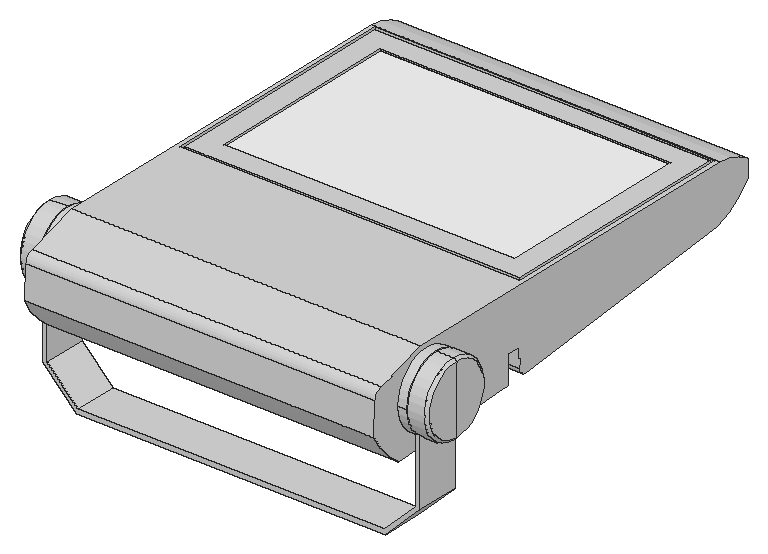
Revit family "0049107 Feilo Sylvania Lighting Fixture SYLVEO LED 8000LM WIDE 4K", category Lighting Fixtures, host Face, Revit 2017
Family settings
  Host = Face
  Round Connector Dimension = Use Diameter
  Part Type = Normal
  Cut with Voids When Loaded = No
  Light Source = No
  Shared = No
  Room Calculation Point = No
Parameters (values of type "0049107 SYLVEO LED 8000LM WIDE 4K")
  Weight = "9.2 kg"
  Wattage Comments = "n/a"
  WarrantyStartDate [instance] = "n/a"
  WarrantyGuarantorParts = "n/a"
  WarrantyDurationUnit = "n/a"
  WarrantyDurationParts = "n/a"
  WarrantyDescription = "n/a"
  Voltage = 230 V
  URL = "http://www.sylvania-lighting.com"
  TypeName = "SYLVEO LED 8000LM WIDE 4K"
  TypeBody_FEILO = Sylveo Medium Body : 0049107 SYLVEO LED 8000LM WIDE 4K
  Type Image = <None>
  Type Comments = "n/a"
  TotalWidth = 290 mm
  TiltAngle [instance] = 0.00°
  StartAngle [instance] = -TiltAngle  # 0.00°
  SerialNumber [instance] = "n/a"
  PowerFactor = 0
  PowerConsumption = "82.2 W"
  NominalWidth = 0 mm
  NominalLength = 290 mm
  NominalHeight = 333 mm
  Name = "SYLVEO LED 8000LM WIDE 4K"
  ModelReference = "SYLVEO LED 8000LM WIDE 4K"
  ModelNumber = "0049107"
  Model = "SYLVEO LED 8000LM WIDE 4K"
  Material_4_FEILO = none
  Material_3_FEILO = none
  Material_2_FEILO = Diffuser-Sylvania-Sylveo-Glow
  Material_1_FEILO = Body-Sylvania-Sylveo-Aluminium
  Material = "aluminium housing, glass diffuser"
  ManufacturerName = "Feilo Sylvania"
  Manufacturer = "Feilo Sylvania"
  LuminousEfficacy = "106.2 lm/W"
  LuminaireType = ""
  LightOutputRatio = "100"
  LampsType = Lamp  # "LED"
  LampNominalLuminous = "8730 lm"
  LampMacAdamStep = "6"
  LampColourTemperature = "4000 K"
  LampColourRenderingIndex = "70"
  Lamp = "LED"
  Keynote = "16500"
  InstallationDate [instance] = "n/a"
  InputVoltage = "100-240V~"
  InputNominalFrequency = "50 Hz"
  IngressProtection = "IP66"
  ImpactProtectionIndex = "IK08"
  IfcExportType = "IfcLightFixtureType"
  IfcExportAs = "IfcLightFixtureType"
  HingeHeight = 90 mm
  HingeDia = 52 mm
  ExpectedLife = 50000
  EndAngle [instance] = StartAngle + 180.00°  # 180.00°
  ElectricShockClassification = "Class I"
  DurationUnit = "hours"
  DocumentationLiterature = "http://www.sylvania-lighting.com/product/en-int/products/0049107"
  DimmingControlOptions = "Non dimmable"
  Description = "Exterior LED Floodlight, comes complete with a 1000mm cable and adjustable bracket, aluminium housing, clear glass diffuser, IP66, IK08, Class I, 4000K, Non-dimming, 8730lm, 82W, 106lm/W, 2400mA, CRI70, 52° beam angle, 50000hrs, (LxWxD) 66x290x333mm"
  Default Elevation = 1219.2 mm
  CreatedOn = "12/18/2017"
  CreatedBy = ""
  Cost = 0
  built-in parameter 1114216 [instance] = (empty or 0)
  ClassificationValue = "EF_70_80"
  ClassificationName = "Uniclass2015"
  Calculate Coefficient of Utilization = no
  BracketWidth = 37 mm
  BracketThickness = 3 mm
  BracketInnerWidth = 261.3 mm
  BracketFold = 25 mm
  BracketExtrusionStart = -BracketWidth / 2  # -18.5 mm
  BracketExtrusionEnd = BracketWidth / 2  # 18.5 mm
  BarCode [instance] = "n/a"
  AssetType = "Fixed"
  AssetIdentifier [instance] = "n/a"
  Assembly Code = "D5020200"
  Apparent Load = 82.2 VA
Reference planes
  plane 1 "Center (Front/Back)": y = 0
  plane 2: z = 0
  plane 3 "Center (Left/Right)": x = 0
  plane 4: x = 130.65
  plane 5: x = -130.65
  plane 6: z = 90
  plane 7: x = 145
  plane 8: x = -145
  plane 9: z = 116
  plane 10: z = 64
  plane 11: x = 143
  plane 12: x = -143
  plane 13: x = 133.65
  plane 14: x = -133.65
  plane 15: z = 3
  plane 16: z = 25
  plane 17: x = 108.65
  plane 18: x = -108.65
  plane 19: z = 66
Forms (mm)
  Extrusion 1, solid, material "Body-Sylvania-Sylveo-Aluminium" <- "Material_1_FEILO"
    sketch origin (0, 0, 0) x (1, 0, 0) y (0, 0, 1)
      loop
        line (0, 3) -> (0, 0) -> (109.478, 0) -> (133.65, 24.172) -> (133.65, 90) -> (130.65, 90) -> (130.65, 25) -> (108.65, 3) -> (0, 3)
    from -12.5 to 18.5 <- "BracketExtrusionEnd"
  Extrusion 2, solid, material "Body-Sylvania-Sylveo-Aluminium" <- "Material_1_FEILO"
    sketch origin (0, 0, 0) x (-1, 0, 0) y (0, 0, -1)
      loop
        line (0, -3) -> (108.65, -3) -> (130.65, -25) -> (130.65, -90) -> (133.65, -90) -> (133.65, -24.172) -> (109.478, 0) -> (0, 0) -> (0, -3)
    from -12.5 to 18.5 <- "BracketExtrusionEnd"
  Revolve 3, solid, material "Body-Sylvania-Sylveo-Aluminium" <- "Material_1_FEILO"
    sketch origin (0, 0, 0) x (1, 0, 0) y (0, 0, 1)
      loop
        line (-130.65, 90) -> (-145, 90) -> (-145, 66) -> (-143, 64) -> (-130.65, 64) -> (-130.65, 90)
      axis (-130.65, 90) -> (-145, 90)
    angle from 0 to 360
  Revolve 4, solid, material "Body-Sylvania-Sylveo-Aluminium" <- "Material_1_FEILO"
    sketch origin (0, 0, 0) x (-1, 0, 0) y (0, 0, 1)
      loop
        line (-130.65, 90) -> (-145, 90) -> (-145, 66) -> (-143, 64) -> (-130.65, 64) -> (-130.65, 90)
      axis (-130.65, 90) -> (-145, 90)
    angle from 0 to 360
  Revolve 5, solid, not visible
    sketch origin (181.107, 0, 90) x (1, 0, 0) y (0, 1, 0)
      loop
        line (-191.101, 0) -> (-171.112, 0) -> (-171.112, 10) -> (-191.101, 10) -> (-191.101, 0)
      axis (-171.112, 0) -> (-191.101, 0)
    angle from 0 <- "StartAngle" to 180 <- "EndAngle"
Cuts and joins
  joined: Extrusion 1, Extrusion 2, Revolve 3, Revolve 4
Dimensions and locks
  equal spacing: plane 5, plane 3 "Center (Left/Right)", plane 4
  "BracketInnerWidth": plane 5 to plane 4
  equal spacing: plane 7, plane 3 "Center (Left/Right)", plane 8
  "TotalWidth": plane 7 to plane 8
  "HingeHeight": plane 2 to plane 6
  equal spacing: plane 10, plane 6, plane 9
  "HingeDia": plane 10 to plane 9
  equal spacing: plane 11, plane 3 "Center (Left/Right)", plane 12
  equal spacing: plane 13, plane 3 "Center (Left/Right)", plane 14
  "BracketFold": plane 2 to plane 16
  "BracketThickness": plane 2 to plane 15
  equal spacing: plane 17, plane 3 "Center (Left/Right)", plane 18
  locked: plane 19 to plane 10 at 2
  locked: Revolve 5 sketch curve to Revolve 5 sketch curve at 10
  equal spacing: Revolve 5 sketch curve, plane 3 "Center (Left/Right)", Revolve 5 sketch curve
  locked: Revolve 5 sketch curve to Revolve 5 sketch curve at 19.988
  locked: plane 7 to plane 11 at 2
  "BracketFold": plane 13 to plane 17
  "BracketThickness": plane 4 to plane 13
  aligned and locked: plane 2 to host face
  aligned and locked: level to host face
  aligned and locked: Revolve 3 sketch curve to plane 10
  aligned and locked: Revolve 3 sketch curve to plane 8
  aligned and locked: plane 5 to Revolve 3 sketch curve
  aligned and locked: Revolve 3 sketch curve to plane 6  (x2)
  aligned and locked: Revolve 5 sketch curve to plane 1 "Center (Front/Back)"
  aligned and locked: plane 3 "Center (Left/Right)" to nested 1
Automatic sketch dimensions
  host sketch curve to host sketch curve = 2438.4 mm  (x2)
  Extrusion 1 sketch curve to plane 3 "Center (Left/Right)" = 0 mm  (x2)
  Extrusion 1 sketch curve to level = 0 mm  (x2)
  Extrusion 1 sketch curve to plane 15 = 0 mm
  Extrusion 1 sketch curve to plane 17 = 0 mm
  plane 4 to Extrusion 1 sketch curve = 0 mm
  Extrusion 1 sketch curve to plane 13 = 0 mm  (x2)
  Extrusion 1 sketch curve to plane 6 = 0 mm  (x2)
  Extrusion 1 sketch curve to plane 16 = 0 mm
  plane 17 to Extrusion 1 sketch curve = 0.828 mm
  Extrusion 1 sketch curve to plane 16 = 0.828 mm
  Extrusion 2 sketch curve to plane 3 "Center (Left/Right)" = 0 mm  (x2)
  Extrusion 2 sketch curve to level = 0 mm  (x2)
  Extrusion 2 sketch curve to plane 15 = 0 mm
  plane 18 to Extrusion 2 sketch curve = 0 mm
  plane 5 to Extrusion 2 sketch curve = 0 mm
  plane 14 to Extrusion 2 sketch curve = 0 mm  (x2)
  Extrusion 2 sketch curve to plane 6 = 0 mm  (x2)
  Extrusion 2 sketch curve to plane 16 = 0 mm
  Extrusion 2 sketch curve to plane 18 = 0.828 mm
  plane 16 to Extrusion 2 sketch curve = 0.828 mm
  plane 12 to Revolve 3 sketch curve = 0 mm
  Revolve 3 sketch curve to plane 19 = 0 mm
  plane 8 to Revolve 3 sketch curve = 77.715 mm
  plane 7 to Revolve 3 sketch curve = 78.607 mm
  Revolve 4 sketch curve to plane 6 = 0 mm  (x2)
  Revolve 4 sketch curve to plane 7 = 0 mm
  Revolve 4 sketch curve to plane 10 = 0 mm
  Revolve 4 sketch curve to plane 11 = 0 mm
  plane 4 to Revolve 4 sketch curve = 0 mm
  Revolve 4 sketch curve to plane 19 = 0 mm
  Revolve 4 sketch curve to Revolve 4 sketch curve = 77.715 mm
  Revolve 4 sketch curve to plane 8 = 78.607 mm
  plane 1 "Center (Front/Back)" to Revolve 5 sketch curve = 0 mm
  plane 8 to Revolve 5 sketch curve = 1421.5 mm
  plane 7 to Revolve 5 sketch curve = 1421.5 mm
Nested families
  nested 1: "Sylveo Medium Body" at (0, -47.297, 90), type <- "TypeBody_FEILO", type "0049107 SYLVEO LED 8000LM WIDE 4K"
Connectors
  electrical at (0, 0, 0), driven by "Apparent Load", driven by "Voltage", driven by "PowerFactor"
    settings: index 1, voltage 230 V, apparent load 82.2 VA, apparent load phase1 0 VA, apparent load phase2 0 VA, apparent load phase3 0 VA, power factor 0, load classification "Lighting", number of poles 1, system type 30, power factor state 1, is connector primary yes, connector utility no, sub classification motor no, connector description ""
Definition of nested family "Sylveo Medium Body"
  Parameters (values of type "0049141 SYLVEO LED 8000LM RASYM 4K DALI ")
    Wattage = 80 W
    built-in parameter 1150110 = 1 (stored number, unit not read)
    URL = "http://www.feilosylvania.com"
    Type Comments = "n/a"
    built-in parameter 1114217 = 1 (stored number, unit not read)
    Tilt Angle = -90.00°
    built-in parameter 1150109 = 1 (stored number, unit not read)
    built-in parameter 1150134 = 12
    built-in parameter 1150113 = 1 (stored number, unit not read)
    Photometric Web File = "0049141.ies"
    Model = "SYLVEO LED 8000LM RASYM 4K DALI"
    Material_4_FEILO = none
    Material_3_FEILO = none
    Material_2_FEILO = none
    Material_1_FEILO = none
    Manufacturer = "Feilo Sylvania"
    built-in parameter 1150105 = 4415 (stored number, unit not read)
    Lumens = 8544 lm
    built-in parameter 1150115 = 1 (stored number, unit not read)
    built-in parameter 1150137 = (empty or 0)
    built-in parameter 1150139 = (empty or 0)
    built-in parameter 1150112 = 1 (stored number, unit not read)
    built-in parameter 1150114 = 1 (stored number, unit not read)
    Lamp = "LED"
    Keynote = "16500"
    built-in parameter 1150132 = (empty or 0)
    built-in parameter 1150102 = (empty or 0)
    built-in parameter 1150107 = 4000 (stored number, unit not read)
    built-in parameter 1150138 = (empty or 0)
    built-in parameter 1150106 = 44.15 (stored number, unit not read)
    Emit from Rectangle Width = 138.8 mm
    Emit from Rectangle Length = 206.3 mm
    Emit Shape Visible in Rendering = no
    built-in parameter 1150104 = 9.922 (stored number, unit not read)
    Dimming Lamp Color Temperature Shift = (empty or 0)
    Description = "Exterior LED floodlight, comes complete with a 1000mm cable and adjustable bracket, aluminium housing, clear glass diffuser, 8542lm, 80W, 106lm/W, 4000K, 2280mA, CRI70, 52°x117° beam angle, DALI dimmable, IP66, IK08, Class I, 50000hrs, (LxWxD) 66x290x333mm"
    Default Elevation = 1219.2 mm
    Cost = 0
    Color Filter = 16777215
    built-in parameter 1114218 = 1 (stored number, unit not read)
    built-in parameter 1150133 = 10 (stored number, unit not read)
    Assembly Code = "D5020200"
    Apparent Load = 80 VA
  Types (9, lengths in mm): name | Wattage | built-in parameter 1150134 | Photometric Web File | Model | built-in parameter 1150105 | Lumens | built-in parameter 1150107 | built-in parameter 1150106 | built-in parameter 1150104 | Description | Apparent Load
    0049141 SYLVEO LED 8000LM RASYM 4K DALI | 80 W | 12 | "0049141.ies" | "SYLVEO LED 8000LM RASYM 4K DALI" | 4415 (stored number, unit not read) | 8544 lm | 4000 (stored number, unit not read) | 44.15 (stored number, unit not read) | 9.922 (stored number, unit not read) | "Exterior LED floodlight, comes complete with a 1000mm cable and adjustable bracket, aluminium housing, clear glass diffuser, 8542lm, 80W, 106lm/W, 4000K, 2280mA, CRI70, 52°x117° beam angle, DALI dimmable, IP66, IK08, Class I, 50000hrs, (LxWxD) 66x290x333mm" | 80 VA
    0049140 SYLVEO LED 8000LM WIDE 4K DALI | 81 W | 12 | "0049140.ies" | "SYLVEO LED 8000LM WIDE 4K DALI" | 10450.4 (stored number, unit not read) | 8537.4 lm | 4000 (stored number, unit not read) | 104.5 (stored number, unit not read) | 9.792 (stored number, unit not read) | "Exterior LED floodlight, comes complete with a 1000mm cable and adjustable bracket, aluminium housing, clear glass diffuser, 8541lm, 81W, 105lm/W, 4000K, 2280mA, CRI70, 52° beam angle, DALI dimmable, IP66, IK08, Class I, 50000hrs, (LxWxD) 66x290x333mm" | 81 VA
    0049139 SYLVEO LED 8000LM NAR 4K DALI | 81 W | 12 | "0049139.ies" | "SYLVEO LED 8000LM NAR 4K DALI" | 20285.7 (stored number, unit not read) | 8723.7 lm | 4000 (stored number, unit not read) | 202.86 (stored number, unit not read) | 10.006 (stored number, unit not read) | "Exterior LED floodlight, comes complete with a 1000mm cable and adjustable bracket, aluminium housing, clear glass diffuser, 8721lm, 81, 107lm/W, 4000K, 2280mA, CRI70, 30° beam angle, DALI dimmable, IP66, IK08, Class I, 50000hrs, (LxWxD) 66x290x333mm" | 81 VA
    0049111 SYLVEO LED 8000LM RASYM 3K | 81.5 W | (empty or 0) | "0049111.ies" | "SYLVEO LED 8000LM RASYM 3K" | 4290.9 (stored number, unit not read) | 8304.85 lm | 3000 (stored number, unit not read) | 42.909 (stored number, unit not read) | 9.4668 (stored number, unit not read) | "Exterior LED Floodlight, comes complete with a 1000mm cable and adjustable bracket, aluminium housing, clear glass diffuser, IP66, IK08, Class I, 3000K, Non-dimming, 8305lm, 82W, 102lm/W, 2400mA, CRI70, 52°x117° beam angle, 50000hrs, (LxWxD) 66x290x333mm" | 81.5 VA
    0049110 SYLVEO LED 8000LM WIDE 3K | 81.5 W | (empty or 0) | "0049110.ies" | "SYLVEO LED 8000LM WIDE 3K" | 9790.8 (stored number, unit not read) | 8353.75 lm | 3000 (stored number, unit not read) | 97.908 (stored number, unit not read) | 9.5226 (stored number, unit not read) | "Exterior LED Floodlight, comes complete with a 1000mm cable and adjustable bracket, aluminium housing, clear glass diffuser, IP66, IK08, Class I, 3000K, Non-dimming, 8354lm, 82W, 103lm/W, 2400mA, CRI70, 52° beam angle, 50000hrs, (LxWxD) 66x290x333mm" | 81.5 VA
    0049109 SYLVEO LED 8000LM NAR 3K | 80.7 W | (empty or 0) | "0049109.ies" | "SYLVEO LED 8000LM NAR 3K" | 19830.2 (stored number, unit not read) | 8336.31 lm | 3000 (stored number, unit not read) | 198.3 (stored number, unit not read) | 9.5969 (stored number, unit not read) | "Exterior LED Floodlight, comes complete with a 1000mm cable and adjustable bracket, aluminium housing, clear glass diffuser, IP66, IK08, Class I, 3000K, Non-dimming, 8336lm, 81W, 103lm/W, 2400mA, CRI70, 30° beam angle, 50000hrs, (LxWxD) 66x290x333mm" | 80.7 VA
    0049108 SYLVEO LED 8000LM RASYM 4K | 82.2 W | 12 | "0049108.ies" | "SYLVEO LED 8000LM RASYM 4K" | 4540.1 (stored number, unit not read) | 8787.18 lm | 4000 (stored number, unit not read) | 45.401 (stored number, unit not read) | 9.9313 (stored number, unit not read) | "Exterior LED Floodlight, comes complete with a 1000mm cable and adjustable bracket, aluminium housing, clear glass diffuser, IP66, IK08, Class I, 4000K, Non-dimming, 8787lm, 82W, 107lm/W, 2400mA, CRI70, 52°x117° beam angle, 50000hrs, (LxWxD) 66x290x333mm" | 82.2 VA
    0049107 SYLVEO LED 8000LM WIDE 4K | 82.2 W | 12 | "0049107.ies" | "SYLVEO LED 8000LM WIDE 4K" | 11015.4 (stored number, unit not read) | 8729.64 lm | 4000 (stored number, unit not read) | 110.15 (stored number, unit not read) | 9.8663 (stored number, unit not read) | "Exterior LED Floodlight, comes complete with a 1000mm cable and adjustable bracket, aluminium housing, clear glass diffuser, IP66, IK08, Class I, 4000K, Non-dimming, 8730lm, 82W, 106lm/W, 2400mA, CRI70, 52° beam angle, 50000hrs, (LxWxD) 66x290x333mm" | 82.2 VA
    0049106 SYLVEO LED 8000LM NAR 4K | 80.1 W | 12 | "0049106.ies" | "SYLVEO LED 8000LM NAR 4K" | 21168.1 (stored number, unit not read) | 8554.68 lm | 4000 (stored number, unit not read) | 211.68 (stored number, unit not read) | 9.922 (stored number, unit not read) | "Exterior LED Floodlight, comes complete with a 1000mm cable and adjustable bracket, aluminium housing, clear glass diffuser, IP66, IK08, Class I, 4000K, Non-dimming, 8555lm, 80W, 107lm/W, 2400mA, CRI70, 30° beam angle, 50000hrs, (LxWxD) 66x290x333mm" | 80.1 VA
  Reference planes
    plane 1 "Center (Front/Back)": y = 0
    plane 2: z = 0
    plane 3 "Center (Left/Right)": x = 0
    plane 4: y = 333
    plane 5: y = 47.297
    plane 6: y = 73.469
    plane 7: y = 21.125
    plane 8: x = -130.625
    plane 9: x = 130.625
    plane 10: y = 304.814
    plane 11: y = 135.969
    plane 12: y = 289.814
    plane 13: y = 150.969
    plane 14: x = 103.125
    plane 15: x = -103.125
    plane 16: x = -123.75
    plane 17: x = 123.75
    plane 18: x = -118.594
    plane 19: x = 118.594
    plane 20: y = 322.719
    plane 21: y = 119.719
    plane 22: z = 29.125
    plane 23: z = -36.875
    plane 24: x = -120.75
    plane 25: x = 120.75
    plane 26: y = 306.814
    plane 27: y = 133.969
    plane 28: y = 220.391
  Forms (mm)
    Extrusion 1, solid
      sketch origin (-0.8, 0, 0) x (1, 0, 0) y (0, 1, 0)
        loop
          line (-1219.2, 1219.2) -> (-1219.2, -1219.2) -> (1219.2, -1219.2) -> (1219.2, 1219.2) -> (-1219.2, 1219.2)
      from 0 to -304.8
    Extrusion 2, solid, material <- "Material_1_FEILO"
      sketch origin (0, 0, 0) x (0, 1, 0) y (0, 0, 1)
        loop
          circle (47.297, 0) r 26.026
      from 130.625 to -130.625
    Extrusion 3, solid, material <- "Material_1_FEILO"
      sketch origin (0, 0, 0) x (1, 0, 0) y (0, 1, 0)
        loop
          line (-123.75, 333) -> (-123.75, 0) -> (123.75, 0) -> (123.75, 333) -> (-123.75, 333)
      from 29.125 to -36.875
    Extrusion 4, void, detail levels medium+fine
      sketch origin (0, 0, 0) x (0, 1, 0) y (0, 0, 1)
        loop
          line (42.297, 29.125) -> (0, 29.125) -> (0, -36.875) -> (333, -36.875) -> (333, 29.125) -> (308.414, 29.125)
          arc (308.414, 29.125) -> (320.149, 26.569) -> (330.963, 21.346) r 51.141
          arc (330.963, 21.346) -> (332.019, 20.218) -> (332.403, 18.722) r 3.112
          line (332.403, 18.722) -> (332.403, 7.346)
          arc (332.403, 7.346) -> (319.575, -3.301) -> (304.814, -11.047) r 79.724
          line (304.814, -11.047) -> (135.202, -28.874)
          arc (135.202, -28.874) -> (131.465, -27.731) -> (129.692, -24.25) r 5
          line (129.692, -24.25) -> (128.705, -10.138) -> (119.719, -10.138) -> (119.719, -28.285)
          arc (119.719, -28.285) -> (119.184, -29.635) -> (117.869, -30.252) r 1.971
          line (117.869, -30.252) -> (22.334, -36.171)
          arc (22.334, -36.171) -> (9.868, -24.998) -> (0.544, -11.095) r 67.339
          line (0.544, -11.095) -> (1.881, 11.454)
          arc (1.881, 11.454) -> (3.538, 15.816) -> (7.388, 18.452) r 7.801
          line (7.388, 18.452) -> (42.297, 29.125)
      from 123.75 to -123.75
    Extrusion 5, void
      sketch origin (0, -66.866, 29.125) x (1, 0, 0) y (0, -1, 0)
        loop
          line (-120.75, -373.679) -> (120.75, -373.679) -> (120.75, -200.834) -> (-120.75, -200.834) -> (-120.75, -373.679)
      from 0 to 4
    Extrusion 6, solid, material <- "Material_1_FEILO"
      sketch origin (0, -66.866, 29.125) x (0, -1, 0) y (1, 0, 0)
        loop
          line (-371.679, -118.594) -> (-202.834, -118.594) -> (-202.834, 118.594) -> (-371.679, 118.594) -> (-371.679, -118.594)
        loop
          line (-356.679, -103.125) -> (-217.834, -103.125) -> (-217.834, 103.125) -> (-356.679, 103.125) -> (-356.679, -103.125)
      from 0 to -4
    Extrusion 7, solid, material <- "Material_1_FEILO"
      sketch origin (0, -66.866, 29.125) x (0, -1, 0) y (1, 0, 0)
        loop
          line (-356.679, -103.125) -> (-217.834, -103.125) -> (-217.834, 103.125) -> (-356.679, 103.125) -> (-356.679, -103.125)
      from -3 to -4
    Extrusion 8, solid, material <- "Material_2_FEILO"
      sketch origin (0, -66.866, 29.125) x (0, -1, 0) y (1, 0, 0)
        loop
          line (-217.834, -103.125) -> (-217.834, 103.125) -> (-356.679, 103.125) -> (-356.679, -103.125) -> (-217.834, -103.125)
      from -1 to -2
  Cuts and joins
    Extrusion 4, Extrusion 5 cuts Extrusion 2
    Extrusion 4, Extrusion 5 cuts Extrusion 3
    joined: Extrusion 2, Extrusion 3
    joined: Extrusion 6, Extrusion 7
  Dimensions and locks
    equal spacing: plane 6, plane 5, plane 7
    locked: plane 5 to plane 1 "Center (Front/Back)" at 47.297
    equal spacing: plane 8, plane 3 "Center (Left/Right)", plane 9
    locked: plane 8 to plane 9 at 261.25
    equal spacing: plane 16, plane 3 "Center (Left/Right)", plane 17
    equal spacing: plane 18, plane 3 "Center (Left/Right)", plane 19
    locked: plane 20 to plane 21 at 203
    locked: plane 16 to plane 17 at 247.5
    locked: plane 23 to plane 22 at 66
    locked: plane 22 to plane 2 at 29.125
    locked: plane 18 to plane 19 at 237.187
    locked: plane 15 to plane 14 at 206.25
    locked: plane 1 "Center (Front/Back)" to plane 4 at 333
    locked: plane 4 to plane 20 at 10.281
    locked: plane 10 to plane 11 at 168.845
    locked: plane 1 "Center (Front/Back)" to plane 11 at 135.969
    locked: plane 12 to plane 13 at 138.845
    locked: plane 1 "Center (Front/Back)" to plane 13 at 150.969
    locked: plane 16 to plane 24 at 3
    equal spacing: plane 24, plane 3 "Center (Left/Right)", plane 25
    locked: plane 26 to plane 10 at 2
    locked: plane 11 to plane 27 at 2
    equal spacing: plane 12, plane 28, plane 13, locked at 69.422 each
    aligned and locked: plane 2 to Extrusion 1
    aligned and locked: level to Extrusion 1
    aligned and locked: Extrusion 2 to plane 9
    aligned and locked: plane 8 to Extrusion 2
    aligned and locked: plane 4 to Extrusion 3 sketch curve
    aligned and locked: plane 16 to Extrusion 3 sketch curve
    aligned and locked: Extrusion 3 sketch curve to plane 1 "Center (Front/Back)"
    aligned and locked: plane 17 to Extrusion 3 sketch curve
    aligned and locked: plane 22 to Extrusion 3
    aligned and locked: plane 23 to Extrusion 3
    aligned and locked: Extrusion 4 to plane 16
    aligned and locked: Extrusion 4 to plane 17
    aligned and locked: Extrusion 5 sketch curve to plane 26
    aligned and locked: plane 24 to Extrusion 5 sketch curve
    aligned and locked: plane 27 to Extrusion 5 sketch curve
    aligned and locked: plane 25 to Extrusion 5 sketch curve
    aligned and locked: Extrusion 6 sketch curve to plane 10
    aligned and locked: plane 18 to Extrusion 6 sketch curve
    aligned and locked: plane 11 to Extrusion 6 sketch curve
    aligned and locked: plane 19 to Extrusion 6 sketch curve
    aligned and locked: Extrusion 6 sketch curve to plane 12
    aligned and locked: Extrusion 6 sketch curve to plane 15
    aligned and locked: plane 13 to Extrusion 6 sketch curve
    aligned and locked: Extrusion 6 sketch curve to plane 14
    aligned and locked: Extrusion 7 sketch curve to Extrusion 6  (x4)
    aligned and locked: cut or joined group of Extrusion 2, Extrusion 3, Extrusion 4, Extrusion 5 to Extrusion 7
    aligned and locked: Extrusion 8 sketch curve to Extrusion 6  (x4)
    aligned and locked: imposter light to plane 3 "Center (Left/Right)"
    aligned and locked: imposter light to plane 22
  Automatic sketch dimensions
    Extrusion 1 sketch curve to Extrusion 1 sketch curve = 2438.4 mm  (x2)
    Extrusion 2 sketch curve to level = 0 mm
    Extrusion 2 sketch curve to plane 5 = 0 mm
    Extrusion 4 sketch curve to plane 1 "Center (Front/Back)" = 0 mm
    Extrusion 4 sketch curve to plane 22 = 0 mm  (x2)
    Extrusion 4 sketch curve to plane 21 = 0 mm
    Extrusion 4 sketch curve to plane 10 = 0 mm
    Extrusion 4 sketch curve to plane 4 = 0 mm
    plane 23 to Extrusion 4 sketch curve = 0 mm
    Extrusion 4 sketch curve to plane 1 "Center (Front/Back)" = 0.544 mm
    Extrusion 4 sketch curve to plane 1 "Center (Front/Back)" = 1.881 mm
    Extrusion 4 sketch curve to plane 1 "Center (Front/Back)" = 7.388 mm
    Extrusion 4 sketch curve to Extrusion 4 sketch curve = 2.281 mm
    plane 7 to Extrusion 4 sketch curve = 1.209 mm
    Extrusion 4 sketch curve to plane 5 = 5 mm
    Extrusion 4 sketch curve to plane 6 = 12.772 mm
    Extrusion 4 sketch curve to plane 21 = 1.971 mm
    Extrusion 4 sketch curve to plane 21 = 1.849 mm
    Extrusion 4 sketch curve to plane 11 = 7.264 mm
    Extrusion 4 sketch curve to plane 11 = 6.277 mm
    Extrusion 4 sketch curve to plane 11 = 1.289 mm
    Extrusion 4 sketch curve to plane 11 = 0.767 mm
    Extrusion 4 sketch curve to plane 12 = 14.463 mm
    Extrusion 4 sketch curve to plane 10 = 1.343 mm
    plane 4 to Extrusion 4 sketch curve = 3.71 mm
    plane 4 to Extrusion 4 sketch curve = 0.597 mm
    Extrusion 4 sketch curve to plane 23 = 0.704 mm
    Extrusion 4 sketch curve to plane 23 = 6.623 mm
    Extrusion 4 sketch curve to plane 23 = 8.001 mm
    Extrusion 4 sketch curve to Extrusion 4 sketch curve = 4.624 mm
    Extrusion 4 sketch curve to plane 23 = 15.098 mm
    Extrusion 4 sketch curve to level = 11.095 mm
    Extrusion 4 sketch curve to Extrusion 4 sketch curve = 10.73 mm
    Extrusion 4 sketch curve to level = 10.138 mm
    level to Extrusion 4 sketch curve = 7.346 mm
    level to Extrusion 4 sketch curve = 10.992 mm
    Extrusion 4 sketch curve to Extrusion 4 sketch curve = 0.462 mm
    Extrusion 4 sketch curve to plane 22 = 10.403 mm
    plane 10 to Extrusion 4 sketch curve = 3.6 mm
    radius of Extrusion 2 sketch curve = 26.026 mm
